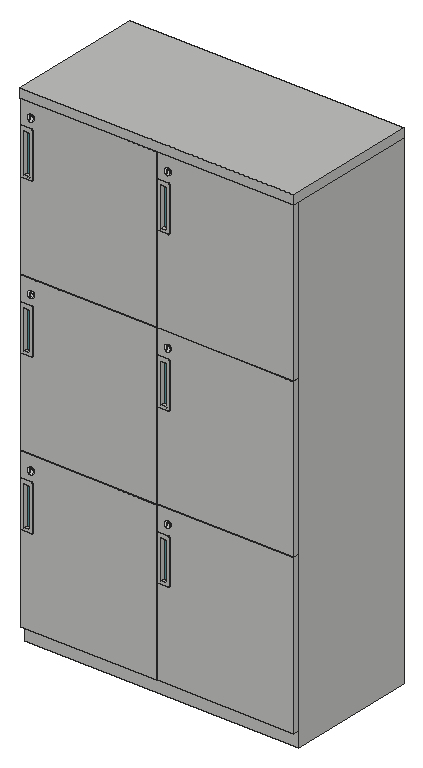
Revit family "Storage-Teknion-PLT_S_Locker_Tower_Standard-R2015", category Furniture, Revit 2015
Parameters (values of type "Dual Locker Tower - Standard - Three High")
  Two High = no
  Three High = yes
  single high interpret handle hight [instance] = if(Actual Height = 65.600", 20.860", 3.216")  # 20.860"
  single high district handle height 1 [instance] = if(Actual Height = 65.600", -24.480", -5.280")  # -24.480"
  single high district handle height 2 [instance] = if(Actual Height = 65.600", -22.230", -3.030")  # -22.230"
  One High = no
  Width [instance] = 36.000"
  Warranty = "http://www.teknion.com/ca/papers/legal-canada"
  Unit Weight URL = "http://www.teknion.com/ca/tools/assets#&asset=bee6a381-b954-425e-8283-5a2de3a804f2,f828d448-4b62-4231-9e5f-9a8991c0ed77"
  URL = "www.teknion.com"
  Triple Locker = no
  Triple Locker Vertical Depth = if(Triple Locker, 6.000", 1.000")  # 1.000"
  three high height [instance] = if(Height = 66.000", 20.800", 15.200")  # 20.800"
  three high Horizontal Depth = if(Three High, 6.000", 1.000")  # 6.000"
  Sustainability Data = "http://www.teknion.com/ca/tools/assets#&topic=216f99a5-57a0-44fc-b10a-9dee9b29ae4c&asset=444deb64-fe58-4b68-981e-f75e97781df7"
  Series = "Ledger Plus"  # constant formula
  Product Page URL = "http://www.teknion.com/ca/products/product-details?productlineid=1293336e-8e7a-673b-a6c8-ff00004460c4"
  Product Line = "Filing and Storage"
  Product Documentation Link = "http://www.teknion.com/pricing/filing-storage/pdfs/PLTDS_ppg.pdf"
  Part Number = "PLTDS"
  Model = "PLTDS_3_"
  Manufacturer Phone = "416-661-3370"  # constant formula
  Manufacturer Fax = "416.661.4586"  # constant formula
  Manufacturer Contact Information = "http://www.teknion.com/ca/contactus"
  Manufacturer Address = "1150 Flint Road, Toronto, ON. M3J 2J5. Canada"  # constant formula
  Manufacturer = "Teknion"  # constant formula
  Lock Visibility 9 = and(Three High, Triple Locker)  # no
  Lock Visibility 8 = and(Three High, Dual Locker)  # yes
  Lock Visibility 7 = and(Two High, Triple Locker)  # no
  Lock Visibility 6 = and(Two High, Dual Locker)  # no
  Lock Visibility 5 = Two High  # no
  Lock Visibility 4 = Three High  # yes
  Lock Visibility 3 = and(not(One High), Dual Locker)  # yes
  Lock Visibility 2 = and(not(One High), Triple Locker)  # no
  Lock Visibility 12 = One High  # no
  Lock Visibility 11 = and(One High, Triple Locker)  # no
  Lock Visibility 10 = and(One High, Dual Locker)  # no
  Lock Visibility 1 = not(One High)  # yes
  Lock Location y 2 [instance] = if(Interpret Handle Style, if(Actual Height = 65.600", 19.524", 1.880"), if(Actual Height = 65.600", 23.480", 4.280"))  # 19.524"
  Lock Location y [instance] = if(Interpret Handle Style, 1.880", 4.280")  # 1.880"
  Lock Location x [instance] = if(Interpret Handle Style, 1.431", 1.740")  # 1.431"
  Interpret Handle Visibility 9 [instance] = and(Interpret Handle Style, Three High, Triple Locker)  # no
  Interpret Handle Visibility 8 [instance] = and(Interpret Handle Style, Three High, Dual Locker)  # yes
  Interpret Handle Visibility 7 [instance] = and(Interpret Handle Style, Two High, Triple Locker)  # no
  Interpret Handle Visibility 6 [instance] = and(Interpret Handle Style, Two High, Dual Locker)  # no
  Interpret Handle Visibility 5 [instance] = and(Interpret Handle Style, Two High)  # no
  Interpret Handle Visibility 4 [instance] = and(Interpret Handle Style, Three High)  # yes
  Interpret Handle Visibility 3 [instance] = and(Interpret Handle Style, not(One High), Dual Locker)  # yes
  Interpret Handle Visibility 2 [instance] = and(Interpret Handle Style, not(One High), Triple Locker)  # no
  Interpret Handle Visibility 12 [instance] = and(Interpret Handle Style, One High)  # no
  Interpret Handle Visibility 11 [instance] = and(Interpret Handle Style, One High, Triple Locker)  # no
  Interpret Handle Visibility 10 [instance] = and(Interpret Handle Style, One High, Dual Locker)  # no
  Interpret Handle Visibility 1 [instance] = and(Interpret Handle Style, not(One High))  # yes
  Interpret Handle 12 [instance] = if(and(Interpret Handle Style, One High), 10.000", 1.000")  # 1.000"
  Interpret Handle 11 [instance] = if(and(Interpret Handle Style, One High, Triple Locker), 10.000", 1.000")  # 1.000"
  Interpret Handle Style [instance] = not(District Handle Style)  # yes
  Interpret Handle 9 [instance] = if(and(Interpret Handle Style, Three High, Triple Locker), 10.000", 1.000")  # 1.000"
  Interpret Handle 8 [instance] = if(and(Interpret Handle Style, Three High, Dual Locker), 10.000", 1.000")  # 10.000"
  Interpret Handle 7 [instance] = if(and(Interpret Handle Style, Two High, Triple Locker), 10.000", 1.000")  # 1.000"
  Interpret Handle 6 [instance] = if(and(Interpret Handle Style, Two High, Dual Locker), 10.000", 1.000")  # 1.000"
  Interpret Handle 5 [instance] = if(and(Interpret Handle Style, Two High), 10.000", 1.000")  # 1.000"
  Interpret Handle 10 [instance] = if(and(Interpret Handle Style, One High, Dual Locker), 10.000", 1.000")  # 1.000"
  Height [instance] = 66.000"
  Dual Locker = yes
  Handle Interior Finish [instance] = Paint - Teknion - Accent - Mineral Teal
  Handle Exterior Finish [instance] = Paint - Teknion - Foundation - Crisp Grey
  Front Finish [instance] = Paint - Teknion - Foundation - Crisp Grey
  Dual Locker Vertical Depth = if(Dual Locker, 6.000", 1.000")  # 6.000"
  two high Horizontal Depth = if(Two High, 6.000", 1.000")  # 1.000"
  District Handle Visibility 9 [instance] = and(District Handle Style, Three High, Triple Locker)  # no
  District Handle Visibility 8 [instance] = and(District Handle Style, Three High, Dual Locker)  # no
  District Handle Visibility 7 [instance] = and(District Handle Style, Two High, Triple Locker)  # no
  District Handle Visibility 6 [instance] = and(District Handle Style, Two High, Dual Locker)  # no
  District Handle Visibility 5 [instance] = and(District Handle Style, Two High)  # no
  District Handle Visibility 3 [instance] = and(District Handle Style, not(One High), Dual Locker)  # no
  District Handle Visibility 2 [instance] = and(District Handle Style, not(One High), Triple Locker)  # no
  District Handle Visibility 12 [instance] = and(District Handle Style, One High)  # no
  District Handle Visibility 11 [instance] = and(District Handle Style, One High, Triple Locker)  # no
  District Handle Visibility 10 [instance] = and(District Handle Style, One High, Dual Locker)  # no
  District Handle Visibility 1 [instance] = and(District Handle Style, not(One High))  # no
  District Handle Visibility 4 [instance] = and(District Handle Style, Three High)  # no
  District Handle Style [instance] = no
  Interpret Handle 4 [instance] = if(and(Interpret Handle Style, Three High), 10.000", 1.000")  # 10.000"
  Interpret Handle 3 [instance] = if(and(Interpret Handle Style, not(One High), Dual Locker), 10.000", 1.000")  # 10.000"
  Interpret Handle 2 [instance] = if(and(Interpret Handle Style, not(One High), Triple Locker), 10.000", 1.000")  # 1.000"
  Interpret Handle 1 [instance] = if(and(Interpret Handle Style, not(One High)), 10.000", 1.000")  # 10.000"
  District Handle Length 2 = -3.030"  # constant formula
  District Handle Length 1 = -5.280"  # constant formula
  Description = "Dual Locker Tower - Standard, Freestanding, Three-High"
  Depth [instance] = 18.000"
  Case Finish [instance] = Paint - Teknion - Foundation - Crisp Grey
  Available Widths [instance] = if(Dual Locker, "24, 30, 36 inches.", "36, 42 inches.")  # "24, 30, 36 inches."
  Available Height [instance] = if(Three High, "48, 66 inches.", "35, 40, 48, 66 inches.")  # "48, 66 inches."
  Available Depths [instance] = "18, 20 inches."  # constant formula
  Assembly Code = "E2020200"
  Actual Height [instance] = if(Height = 35.000", 35.200", if(Height = 66.000", 65.600", Height))  # 65.600"
  2d Handle Visibility 6 [instance] = and(Interpret Handle Style, Triple Locker)  # no
  2d Handle Visibility 5 [instance] = and(Interpret Handle Style, Dual Locker)  # yes
  2d Handle Visibility 4 [instance] = Interpret Handle Style  # yes
  2d Handle Visibility 3 [instance] = and(District Handle Style, Triple Locker)  # no
  2d Handle Visibility 2 [instance] = and(District Handle Style, Dual Locker)  # no
  2d Handle Visibility 1 [instance] = District Handle Style  # no
Reference planes (in)
  plane 1 "Center Front/Back": y = 0
  plane 2: z = 0
  plane 3 "Center Left/Right": x = 0
  plane 4 "Left": x = -18
  plane 5 "Right": x = 18
  plane 6 "Back": y = 9
  plane 7 "Front": y = -9
  plane 8 "Top": z = 65.6
  plane 9 "Underside of Top": z = 64.4
  plane 10 "Door Cut Plane": y = -14
  plane 11 "Two High": z = 33.2
  plane 12: x = -6
  plane 13: x = 6
  plane 14: z = 2
  plane 15 "Three HIgh one": z = 43.6
  plane 16 "Three High two": z = 22.8
  plane 17: y = -8.25
  plane 18: y = -9.1
Forms (in)
  Extrusion 1, solid, material "Paint - Teknion - Foundation - Crisp Grey" <- "Case Finish"
    sketch origin (0, 0, 0) x (1, 0, 0) y (0, 1, 0)
      loop
        line (-18, 9) -> (-18, -8.25) -> (18, -8.25) -> (18, 9) -> (-18, 9)
    from 0 to 64.4
  Extrusion 2, solid, material "Paint - Teknion - Foundation - Crisp Grey" <- "Case Finish"
    sketch origin (0, 0, 65.6) x (-1, 0, 0) y (0, -1, 0)
      loop
        line (18, -9) -> (18, 9) -> (-18, 9) -> (-18, -9) -> (18, -9)
    from 0 to -1.2
  Extrusion 3, solid, material "Paint - Teknion - Foundation - Crisp Grey" <- "Front Finish"
    sketch origin (0, 0, 0) x (1, 0, 0) y (0, 1, 0)
      loop
        line (-17.95, -8.25) -> (-17.95, -9) -> (17.95, -9) -> (17.95, -8.25) -> (-17.95, -8.25)
    from 2.05 to 64.35001
  Extrusion 4, void
    sketch origin (0, -14, 0) x (-1, 0, 0) y (0, 0, 1)
      loop
        line (0.05, 64.4) -> (-0.05, 64.4) -> (-0.05, 1.75) -> (0.05, 1.75) -> (0.05, 64.4)
    from 0 to 6 <- "Dual Locker Vertical Depth"
  Extrusion 5, void
    sketch origin (-6, -14, 0) x (-1, 0, 0) y (0, 0, 1)
      loop
        line (0.05, 64.4) -> (-0.05, 64.4) -> (-0.05, 2.05) -> (0.05, 2.05) -> (0.05, 64.4)
    from 0 to 1 <- "Triple Locker Vertical Depth"
  Extrusion 6, void
    sketch origin (6, -14, 0) x (-1, 0, 0) y (0, 0, 1)
      loop
        line (0.05, 64.4) -> (-0.05, 64.4) -> (-0.05, 2.05) -> (0.05, 2.05) -> (0.05, 64.4)
    from 0 to 1 <- "Triple Locker Vertical Depth"
  Extrusion 7, void
    sketch origin (0, -14, 0) x (-1, 0, 0) y (0, 0, 1)
      loop
        line (18, 43.65) -> (-18, 43.65) -> (-18, 43.55) -> (18, 43.55) -> (18, 43.65)
    from 0 to 6 <- "three high Horizontal Depth"
  Extrusion 8, void
    sketch origin (0, -14, 0) x (-1, 0, 0) y (0, 0, 1)
      loop
        line (18, 33.25) -> (-18, 33.25) -> (-18, 33.15) -> (18, 33.15) -> (18, 33.25)
    from 0 to 1 <- "two high Horizontal Depth"
  Extrusion 9, void
    sketch origin (0, -14, 0) x (-1, 0, 0) y (0, 0, 1)
      loop
        line (18, 22.85) -> (-18, 22.85) -> (-18, 22.75) -> (18, 22.75) -> (18, 22.85)
    from 0 to 6 <- "three high Horizontal Depth"
  Extrusion 10, void
    sketch origin (0, -14, 0) x (-1, 0, 0) y (0, 0, 1)
      loop
        line (17.95, 61.184) -> (16.535, 61.184)
        arc (16.535, 61.184) -> (16.39358, 61.12542) -> (16.335, 60.984) r 0.2
        line (16.335, 60.984) -> (16.335, 55.321)
        arc (16.335, 55.321) -> (16.39358, 55.17958) -> (16.535, 55.121) r 0.2
        line (16.535, 55.121) -> (17.95, 55.121) -> (17.95, 61.184)
    from 0 to 10 <- "Interpret Handle 1"
  Extrusion 11, void
    sketch origin (12, -14, 0) x (-1, 0, 0) y (0, 0, 1)
      loop
        line (17.95, 61.184) -> (16.535, 61.184)
        arc (16.535, 61.184) -> (16.39358, 61.12542) -> (16.335, 60.984) r 0.2
        line (16.335, 60.984) -> (16.335, 55.321)
        arc (16.335, 55.321) -> (16.39358, 55.17958) -> (16.535, 55.121) r 0.2
        line (16.535, 55.121) -> (17.95, 55.121) -> (17.95, 61.184)
    from 0 to 1 <- "Interpret Handle 2"
  Extrusion 12, void
    sketch origin (24, -14, 0) x (-1, 0, 0) y (0, 0, 1)
      loop
        line (17.95, 61.184) -> (16.535, 61.184)
        arc (16.535, 61.184) -> (16.39358, 61.12542) -> (16.335, 60.984) r 0.2
        line (16.335, 60.984) -> (16.335, 55.321)
        arc (16.335, 55.321) -> (16.39358, 55.17958) -> (16.535, 55.121) r 0.2
        line (16.535, 55.121) -> (17.95, 55.121) -> (17.95, 61.184)
    from 0 to 1 <- "Interpret Handle 2"
  Extrusion 13, void
    sketch origin (18, -14, 0) x (-1, 0, 0) y (0, 0, 1)
      loop
        line (17.95, 61.184) -> (16.535, 61.184)
        arc (16.535, 61.184) -> (16.39358, 61.12542) -> (16.335, 60.984) r 0.2
        line (16.335, 60.984) -> (16.335, 55.321)
        arc (16.335, 55.321) -> (16.39358, 55.17958) -> (16.535, 55.121) r 0.2
        line (16.535, 55.121) -> (17.95, 55.121) -> (17.95, 61.184)
    from 0 to 10 <- "Interpret Handle 3"
  Extrusion 14, void
    sketch origin (0, -14, -20.8) x (-1, 0, 0) y (0, 0, 1)
      loop
        line (17.95, 61.184) -> (16.535, 61.184)
        arc (16.535, 61.184) -> (16.39358, 61.12542) -> (16.335, 60.984) r 0.2
        line (16.335, 60.984) -> (16.335, 55.321)
        arc (16.335, 55.321) -> (16.39358, 55.17958) -> (16.535, 55.121) r 0.2
        line (16.535, 55.121) -> (17.95, 55.121) -> (17.95, 61.184)
    from 0 to 10 <- "Interpret Handle 4"
  Extrusion 15, void
    sketch origin (12, -14, -20.8) x (-1, 0, 0) y (0, 0, 1)
      loop
        line (17.95, 61.184) -> (16.535, 61.184)
        arc (16.535, 61.184) -> (16.39358, 61.12542) -> (16.335, 60.984) r 0.2
        line (16.335, 60.984) -> (16.335, 55.321)
        arc (16.335, 55.321) -> (16.39358, 55.17958) -> (16.535, 55.121) r 0.2
        line (16.535, 55.121) -> (17.95, 55.121) -> (17.95, 61.184)
    from 0 to 1 <- "Interpret Handle 9"
  Extrusion 16, void
    sketch origin (18, -14, -20.8) x (-1, 0, 0) y (0, 0, 1)
      loop
        line (17.95, 61.184) -> (16.535, 61.184)
        arc (16.535, 61.184) -> (16.39358, 61.12542) -> (16.335, 60.984) r 0.2
        line (16.335, 60.984) -> (16.335, 55.321)
        arc (16.335, 55.321) -> (16.39358, 55.17958) -> (16.535, 55.121) r 0.2
        line (16.535, 55.121) -> (17.95, 55.121) -> (17.95, 61.184)
    from 0 to 10 <- "Interpret Handle 8"
  Extrusion 17, void
    sketch origin (24, -14, -20.8) x (-1, 0, 0) y (0, 0, 1)
      loop
        line (17.95, 61.184) -> (16.535, 61.184)
        arc (16.535, 61.184) -> (16.39358, 61.12542) -> (16.335, 60.984) r 0.2
        line (16.335, 60.984) -> (16.335, 55.321)
        arc (16.335, 55.321) -> (16.39358, 55.17958) -> (16.535, 55.121) r 0.2
        line (16.535, 55.121) -> (17.95, 55.121) -> (17.95, 61.184)
    from 0 to 1 <- "Interpret Handle 9"
  Extrusion 18, void
    sketch origin (24, -14, -31.2) x (-1, 0, 0) y (0, 0, 1)
      loop
        line (17.95, 61.184) -> (16.535, 61.184)
        arc (16.535, 61.184) -> (16.39358, 61.12542) -> (16.335, 60.984) r 0.2
        line (16.335, 60.984) -> (16.335, 55.321)
        arc (16.335, 55.321) -> (16.39358, 55.17958) -> (16.535, 55.121) r 0.2
        line (16.535, 55.121) -> (17.95, 55.121) -> (17.95, 61.184)
    from 0 to 1 <- "Interpret Handle 7"
  Extrusion 19, void
    sketch origin (18, -14, -31.2) x (-1, 0, 0) y (0, 0, 1)
      loop
        line (17.95, 61.184) -> (16.535, 61.184)
        arc (16.535, 61.184) -> (16.39358, 61.12542) -> (16.335, 60.984) r 0.2
        line (16.335, 60.984) -> (16.335, 55.321)
        arc (16.335, 55.321) -> (16.39358, 55.17958) -> (16.535, 55.121) r 0.2
        line (16.535, 55.121) -> (17.95, 55.121) -> (17.95, 61.184)
    from 0 to 1 <- "Interpret Handle 6"
  Extrusion 20, void
    sketch origin (12, -14, -31.2) x (-1, 0, 0) y (0, 0, 1)
      loop
        line (17.95, 61.184) -> (16.535, 61.184)
        arc (16.535, 61.184) -> (16.39358, 61.12542) -> (16.335, 60.984) r 0.2
        line (16.335, 60.984) -> (16.335, 55.321)
        arc (16.335, 55.321) -> (16.39358, 55.17958) -> (16.535, 55.121) r 0.2
        line (16.535, 55.121) -> (17.95, 55.121) -> (17.95, 61.184)
    from 0 to 1 <- "Interpret Handle 7"
  Extrusion 21, void
    sketch origin (0, -14, -31.2) x (-1, 0, 0) y (0, 0, 1)
      loop
        line (17.95, 61.184) -> (16.535, 61.184)
        arc (16.535, 61.184) -> (16.39358, 61.12542) -> (16.335, 60.984) r 0.2
        line (16.335, 60.984) -> (16.335, 55.321)
        arc (16.335, 55.321) -> (16.39358, 55.17958) -> (16.535, 55.121) r 0.2
        line (16.535, 55.121) -> (17.95, 55.121) -> (17.95, 61.184)
    from 0 to 1 <- "Interpret Handle 5"
  Extrusion 22, void
    sketch origin (0, -14, -41.6) x (-1, 0, 0) y (0, 0, 1)
      loop
        line (17.95, 61.184) -> (16.535, 61.184)
        arc (16.535, 61.184) -> (16.39358, 61.12542) -> (16.335, 60.984) r 0.2
        line (16.335, 60.984) -> (16.335, 55.321)
        arc (16.335, 55.321) -> (16.39358, 55.17958) -> (16.535, 55.121) r 0.2
        line (16.535, 55.121) -> (17.95, 55.121) -> (17.95, 61.184)
    from 0 to 10 <- "Interpret Handle 4"
  Extrusion 23, void
    sketch origin (12, -14, -41.6) x (-1, 0, 0) y (0, 0, 1)
      loop
        line (17.95, 61.184) -> (16.535, 61.184)
        arc (16.535, 61.184) -> (16.39358, 61.12542) -> (16.335, 60.984) r 0.2
        line (16.335, 60.984) -> (16.335, 55.321)
        arc (16.335, 55.321) -> (16.39358, 55.17958) -> (16.535, 55.121) r 0.2
        line (16.535, 55.121) -> (17.95, 55.121) -> (17.95, 61.184)
    from 0 to 1 <- "Interpret Handle 9"
  Extrusion 24, void
    sketch origin (18, -14, -41.6) x (-1, 0, 0) y (0, 0, 1)
      loop
        line (17.95, 61.184) -> (16.535, 61.184)
        arc (16.535, 61.184) -> (16.39358, 61.12542) -> (16.335, 60.984) r 0.2
        line (16.335, 60.984) -> (16.335, 55.321)
        arc (16.335, 55.321) -> (16.39358, 55.17958) -> (16.535, 55.121) r 0.2
        line (16.535, 55.121) -> (17.95, 55.121) -> (17.95, 61.184)
    from 0 to 10 <- "Interpret Handle 8"
  Extrusion 25, void
    sketch origin (24, -14, -41.6) x (-1, 0, 0) y (0, 0, 1)
      loop
        line (17.95, 61.184) -> (16.535, 61.184)
        arc (16.535, 61.184) -> (16.39358, 61.12542) -> (16.335, 60.984) r 0.2
        line (16.335, 60.984) -> (16.335, 55.321)
        arc (16.335, 55.321) -> (16.39358, 55.17958) -> (16.535, 55.121) r 0.2
        line (16.535, 55.121) -> (17.95, 55.121) -> (17.95, 61.184)
    from 0 to 1 <- "Interpret Handle 9"
  Extrusion 26, void
    sketch origin (0, -14, -20.8) x (-1, 0, 0) y (0, 0, 1)
      loop
        line (17.95, 64.34) -> (16.535, 64.34)
        arc (16.535, 64.34) -> (16.39358, 64.28142) -> (16.335, 64.14) r 0.2
        line (16.335, 64.14) -> (16.335, 58.477)
        arc (16.335, 58.477) -> (16.39358, 58.33558) -> (16.535, 58.277) r 0.2
        line (16.535, 58.277) -> (17.95, 58.277) -> (17.95, 64.34)
    from 0 to 1 <- "Interpret Handle 12"
  Extrusion 27, void
    sketch origin (12, -14, -20.8) x (-1, 0, 0) y (0, 0, 1)
      loop
        line (17.95, 64.34) -> (16.535, 64.34)
        arc (16.535, 64.34) -> (16.39358, 64.28142) -> (16.335, 64.14) r 0.2
        line (16.335, 64.14) -> (16.335, 58.477)
        arc (16.335, 58.477) -> (16.39358, 58.33558) -> (16.535, 58.277) r 0.2
        line (16.535, 58.277) -> (17.95, 58.277) -> (17.95, 64.34)
    from 0 to 1 <- "Interpret Handle 11"
  Extrusion 28, void
    sketch origin (18, -14, -20.8) x (-1, 0, 0) y (0, 0, 1)
      loop
        line (17.95, 64.34) -> (16.535, 64.34)
        arc (16.535, 64.34) -> (16.39358, 64.28142) -> (16.335, 64.14) r 0.2
        line (16.335, 64.14) -> (16.335, 58.477)
        arc (16.335, 58.477) -> (16.39358, 58.33558) -> (16.535, 58.277) r 0.2
        line (16.535, 58.277) -> (17.95, 58.277) -> (17.95, 64.34)
    from 0 to 1 <- "Interpret Handle 10"
  Extrusion 29, void
    sketch origin (24, -14, -20.8) x (-1, 0, 0) y (0, 0, 1)
      loop
        line (17.95, 64.34) -> (16.535, 64.34)
        arc (16.535, 64.34) -> (16.39358, 64.28142) -> (16.335, 64.14) r 0.2
        line (16.335, 64.14) -> (16.335, 58.477)
        arc (16.335, 58.477) -> (16.39358, 58.33558) -> (16.535, 58.277) r 0.2
        line (16.535, 58.277) -> (17.95, 58.277) -> (17.95, 64.34)
    from 0 to 1 <- "Interpret Handle 11"
  Extrusion 30, solid, material "Paint - Teknion - Foundation - Crisp Grey" <- "Handle Exterior Finish", visible <- "Interpret Handle Visibility 1"
    sketch origin (0.35727, -9, -0.69404) x (-1, 0, 0) y (0, 0, -1)
      loop
        line (18.30727, -61.87804) -> (18.30727, -55.81504) -> (16.89227, -55.81504)
        arc (16.89227, -55.81504) -> (16.75085, -55.87361) -> (16.69227, -56.01504) r 0.2
        line (16.69227, -56.01504) -> (16.69227, -61.67804)
        arc (16.69227, -61.67804) -> (16.75085, -61.81946) -> (16.89227, -61.87804) r 0.2
        line (16.89227, -61.87804) -> (18.30727, -61.87804)
    from 0 to -0.75
  Extrusion 31, void
    sketch origin (-9.94644, -9, -1.19646) x (-1, 0, 0) y (0, 0, -1)
      loop
        line (7.62956, -61.88146) -> (7.62956, -56.64246) -> (6.76256, -56.64246) -> (6.76256, -61.88146) -> (7.62956, -61.88146)
    from 0 to -0.05
  Extrusion 32, void
    sketch origin (0, -9, 0) x (-1, 0, 0) y (0, 0, -1)
      loop
        line (16.709, -60.625) -> (16.709, -60.685) -> (17.576, -60.685) -> (17.576, -55.446) -> (16.709, -55.446) -> (16.709, -55.506) -> (16.522, -55.506) -> (16.522, -60.625) -> (16.709, -60.625)
    from -0.05 to -0.6
  Extrusion 33, solid, material "Paint - Teknion - Foundation - Crisp Grey" <- "Handle Exterior Finish", visible <- "Interpret Handle Visibility 2"
    sketch origin (14.298, -9, 14.62716) x (-1, 0, 0) y (0, 0, -1)
      loop
        line (20.248, -46.55684) -> (20.248, -40.49384) -> (18.833, -40.49384)
        arc (18.833, -40.49384) -> (18.69158, -40.55242) -> (18.633, -40.69384) r 0.2
        line (18.633, -40.69384) -> (18.633, -46.35684)
        arc (18.633, -46.35684) -> (18.69158, -46.49826) -> (18.833, -46.55684) r 0.2
        line (18.833, -46.55684) -> (20.248, -46.55684)
    from 0 to -0.75
  Extrusion 34, solid, material "Paint - Teknion - Foundation - Crisp Grey" <- "Handle Exterior Finish", visible <- "Interpret Handle Visibility 2"
    sketch origin (33.054, -9, 14.226) x (-1, 0, 0) y (0, 0, -1)
      loop
        line (27.004, -46.958) -> (27.004, -40.895) -> (25.589, -40.895)
        arc (25.589, -40.895) -> (25.44758, -40.95358) -> (25.389, -41.095) r 0.2
        line (25.389, -41.095) -> (25.389, -46.758)
        arc (25.389, -46.758) -> (25.44758, -46.89942) -> (25.589, -46.958) r 0.2
        line (25.589, -46.958) -> (27.004, -46.958)
    from 0 to -0.75
  Extrusion 35, solid, material "Paint - Teknion - Foundation - Crisp Grey" <- "Handle Exterior Finish", visible <- "Interpret Handle Visibility 3"
    sketch origin (-69.822, -9, 38.299) x (-1, 0, 0) y (0, 0, -1)
      loop
        line (-69.872, -22.885) -> (-69.872, -16.822) -> (-71.287, -16.822)
        arc (-71.287, -16.822) -> (-71.42842, -16.88058) -> (-71.487, -17.022) r 0.2
        line (-71.487, -17.022) -> (-71.487, -22.685)
        arc (-71.487, -22.685) -> (-71.42842, -22.82642) -> (-71.287, -22.885) r 0.2
        line (-71.287, -22.885) -> (-69.872, -22.885)
    from 0 to -0.75
  Extrusion 36, solid, material "Paint - Teknion - Foundation - Crisp Grey" <- "Handle Exterior Finish", visible <- "Interpret Handle Visibility 4"
    sketch origin (-66.82, -9, 38.167) x (-1, 0, 0) y (0, 0, -1)
      loop
        line (-48.87, -2.217) -> (-48.87, 3.846) -> (-50.285, 3.846)
        arc (-50.285, 3.846) -> (-50.42642, 3.78742) -> (-50.485, 3.646) r 0.2
        line (-50.485, 3.646) -> (-50.485, -2.017)
        arc (-50.485, -2.017) -> (-50.42642, -2.15842) -> (-50.285, -2.217) r 0.2
        line (-50.285, -2.217) -> (-48.87, -2.217)
    from 0 to -0.75
  Extrusion 37, solid, material "Paint - Teknion - Foundation - Crisp Grey" <- "Handle Exterior Finish", visible <- "Interpret Handle Visibility 4"
    sketch origin (-64.07, -9, 38.167) x (-1, 0, 0) y (0, 0, -1)
      loop
        line (-46.12, 18.583) -> (-46.12, 24.646) -> (-47.535, 24.646)
        arc (-47.535, 24.646) -> (-47.67642, 24.58742) -> (-47.735, 24.446) r 0.2
        line (-47.735, 24.446) -> (-47.735, 18.783)
        arc (-47.735, 18.783) -> (-47.67642, 18.64158) -> (-47.535, 18.583) r 0.2
        line (-47.535, 18.583) -> (-46.12, 18.583)
    from 0 to -0.75
  Extrusion 38, solid, material "Paint - Teknion - Foundation - Crisp Grey" <- "Handle Exterior Finish", visible <- "Interpret Handle Visibility 5"
    sketch origin (-61.322, -9, 38.049) x (-1, 0, 0) y (0, 0, -1)
      loop
        line (-43.372, 8.065) -> (-43.372, 14.128) -> (-44.787, 14.128)
        arc (-44.787, 14.128) -> (-44.92842, 14.06942) -> (-44.987, 13.928) r 0.2
        line (-44.987, 13.928) -> (-44.987, 8.265)
        arc (-44.987, 8.265) -> (-44.92842, 8.12358) -> (-44.787, 8.065) r 0.2
        line (-44.787, 8.065) -> (-43.372, 8.065)
    from 0 to -0.75
  Extrusion 39, solid, material "Paint - Teknion - Foundation - Crisp Grey" <- "Handle Exterior Finish", visible <- "Interpret Handle Visibility 6"
    sketch origin (-58.32, -9, 38.167) x (-1, 0, 0) y (0, 0, -1)
      loop
        line (-58.37, 8.183) -> (-58.37, 14.246) -> (-59.785, 14.246)
        arc (-59.785, 14.246) -> (-59.92642, 14.18742) -> (-59.985, 14.046) r 0.2
        line (-59.985, 14.046) -> (-59.985, 8.383)
        arc (-59.985, 8.383) -> (-59.92642, 8.24158) -> (-59.785, 8.183) r 0.2
        line (-59.785, 8.183) -> (-58.37, 8.183)
    from 0 to -0.75
  Extrusion 40, solid, material "Paint - Teknion - Foundation - Crisp Grey" <- "Handle Exterior Finish", visible <- "Interpret Handle Visibility 7"
    sketch origin (-54.82, -9, 38.167) x (-1, 0, 0) y (0, 0, -1)
      loop
        line (-60.87, 8.183) -> (-60.87, 14.246) -> (-62.285, 14.246)
        arc (-62.285, 14.246) -> (-62.42642, 14.18742) -> (-62.485, 14.046) r 0.2
        line (-62.485, 14.046) -> (-62.485, 8.383)
        arc (-62.485, 8.383) -> (-62.42642, 8.24158) -> (-62.285, 8.183) r 0.2
        line (-62.285, 8.183) -> (-60.87, 8.183)
    from 0 to -0.75
  Extrusion 41, solid, material "Paint - Teknion - Foundation - Crisp Grey" <- "Handle Exterior Finish", visible <- "Interpret Handle Visibility 7"
    sketch origin (-52.07, -9, 38.167) x (-1, 0, 0) y (0, 0, -1)
      loop
        line (-46.12, 8.183) -> (-46.12, 14.246) -> (-47.535, 14.246)
        arc (-47.535, 14.246) -> (-47.67642, 14.18742) -> (-47.735, 14.046) r 0.2
        line (-47.735, 14.046) -> (-47.735, 8.383)
        arc (-47.735, 8.383) -> (-47.67642, 8.24158) -> (-47.535, 8.183) r 0.2
        line (-47.535, 8.183) -> (-46.12, 8.183)
    from 0 to -0.75
  Extrusion 42, solid, material "Paint - Teknion - Foundation - Crisp Grey" <- "Handle Exterior Finish", visible <- "Interpret Handle Visibility 8"
    sketch origin (-76.935, -9, 30.976) x (-1, 0, 0) y (0, 0, -1)
      loop
        line (-76.985, -9.408) -> (-76.985, -3.345) -> (-78.4, -3.345)
        arc (-78.4, -3.345) -> (-78.54142, -3.40358) -> (-78.6, -3.545) r 0.2
        line (-78.6, -3.545) -> (-78.6, -9.208)
        arc (-78.6, -9.208) -> (-78.54142, -9.34942) -> (-78.4, -9.408) r 0.2
        line (-78.4, -9.408) -> (-76.985, -9.408)
    from 0 to -0.75
  Extrusion 43, solid, material "Paint - Teknion - Foundation - Crisp Grey" <- "Handle Exterior Finish", visible <- "Interpret Handle Visibility 8"
    sketch origin (-74.572, -9, 31.16541) x (-1, 0, 0) y (0, 0, -1)
      loop
        line (-74.622, 11.58141) -> (-74.622, 17.64441) -> (-76.037, 17.64441)
        arc (-76.037, 17.64441) -> (-76.17842, 17.58584) -> (-76.237, 17.44441) r 0.2
        line (-76.237, 17.44441) -> (-76.237, 11.78141)
        arc (-76.237, 11.78141) -> (-76.17842, 11.63999) -> (-76.037, 11.58141) r 0.2
        line (-76.037, 11.58141) -> (-74.622, 11.58141)
    from 0 to -0.75
  Extrusion 44, solid, material "Paint - Teknion - Foundation - Crisp Grey" <- "Handle Exterior Finish", visible <- "Interpret Handle Visibility 9"
    sketch origin (-72.32, -9, 30.917) x (-1, 0, 0) y (0, 0, -1)
      loop
        line (-66.37, -9.467) -> (-66.37, -3.404) -> (-67.785, -3.404)
        arc (-67.785, -3.404) -> (-67.92642, -3.46258) -> (-67.985, -3.604) r 0.2
        line (-67.985, -3.604) -> (-67.985, -9.267)
        arc (-67.985, -9.267) -> (-67.92642, -9.40842) -> (-67.785, -9.467) r 0.2
        line (-67.785, -9.467) -> (-66.37, -9.467)
    from 0 to -0.75
  Extrusion 45, solid, material "Paint - Teknion - Foundation - Crisp Grey" <- "Handle Exterior Finish", visible <- "Interpret Handle Visibility 9"
    sketch origin (-69.57, -9, 30.917) x (-1, 0, 0) y (0, 0, -1)
      loop
        line (-75.62, -9.467) -> (-75.62, -3.404) -> (-77.035, -3.404)
        arc (-77.035, -3.404) -> (-77.17642, -3.46258) -> (-77.235, -3.604) r 0.2
        line (-77.235, -3.604) -> (-77.235, -9.267)
        arc (-77.235, -9.267) -> (-77.17642, -9.40842) -> (-77.035, -9.467) r 0.2
        line (-77.035, -9.467) -> (-75.62, -9.467)
    from 0 to -0.75
  Extrusion 46, solid, material "Paint - Teknion - Foundation - Crisp Grey" <- "Handle Exterior Finish", visible <- "Interpret Handle Visibility 9"
    sketch origin (-66.82, -9, 30.917) x (-1, 0, 0) y (0, 0, -1)
      loop
        line (-60.87, 11.333) -> (-60.87, 17.396) -> (-62.285, 17.396)
        arc (-62.285, 17.396) -> (-62.42642, 17.33742) -> (-62.485, 17.196) r 0.2
        line (-62.485, 17.196) -> (-62.485, 11.533)
        arc (-62.485, 11.533) -> (-62.42642, 11.39158) -> (-62.285, 11.333) r 0.2
        line (-62.285, 11.333) -> (-60.87, 11.333)
    from 0 to -0.75
  Extrusion 47, solid, material "Paint - Teknion - Foundation - Crisp Grey" <- "Handle Exterior Finish", visible <- "Interpret Handle Visibility 9"
    sketch origin (-63.822, -9, 30.91477) x (-1, 0, 0) y (0, 0, -1)
      loop
        line (-69.872, 11.33077) -> (-69.872, 17.39377) -> (-71.287, 17.39377)
        arc (-71.287, 17.39377) -> (-71.42842, 17.33519) -> (-71.487, 17.19377) r 0.2
        line (-71.487, 17.19377) -> (-71.487, 11.53077)
        arc (-71.487, 11.53077) -> (-71.42842, 11.38935) -> (-71.287, 11.33077) r 0.2
        line (-71.287, 11.33077) -> (-69.872, 11.33077)
    from 0 to -0.75
  Extrusion 48, solid, material "Paint - Teknion - Foundation - Crisp Grey" <- "Handle Exterior Finish", visible <- "Interpret Handle Visibility 10"
    sketch origin (-61.322, -9, 31.049) x (-1, 0, 0) y (0, 0, -1)
      loop
        line (-61.372, -12.491) -> (-61.372, -6.428) -> (-62.787, -6.428)
        arc (-62.787, -6.428) -> (-62.92842, -6.48658) -> (-62.987, -6.628) r 0.2
        line (-62.987, -6.628) -> (-62.987, -12.291)
        arc (-62.987, -12.291) -> (-62.92842, -12.43242) -> (-62.787, -12.491) r 0.2
        line (-62.787, -12.491) -> (-61.372, -12.491)
    from 0 to -0.75
  Extrusion 49, solid, material "Paint - Teknion - Foundation - Crisp Grey" <- "Handle Exterior Finish", visible <- "Interpret Handle Visibility 11"
    sketch origin (-58.32, -9, 30.917) x (-1, 0, 0) y (0, 0, -1)
      loop
        line (-64.37, -12.623) -> (-64.37, -6.56) -> (-65.785, -6.56)
        arc (-65.785, -6.56) -> (-65.92642, -6.61858) -> (-65.985, -6.76) r 0.2
        line (-65.985, -6.76) -> (-65.985, -12.423)
        arc (-65.985, -12.423) -> (-65.92642, -12.56442) -> (-65.785, -12.623) r 0.2
        line (-65.785, -12.623) -> (-64.37, -12.623)
    from 0 to -0.75
  Extrusion 50, solid, material "Paint - Teknion - Foundation - Crisp Grey" <- "Handle Exterior Finish", visible <- "Interpret Handle Visibility 11"
    sketch origin (-55.072, -9, 31.17514) x (-1, 0, 0) y (0, 0, -1)
      loop
        line (-49.122, -12.36486) -> (-49.122, -6.30186) -> (-50.537, -6.30186)
        arc (-50.537, -6.30186) -> (-50.67842, -6.36044) -> (-50.737, -6.50186) r 0.2
        line (-50.737, -6.50186) -> (-50.737, -12.16486)
        arc (-50.737, -12.16486) -> (-50.67842, -12.30628) -> (-50.537, -12.36486) r 0.2
        line (-50.537, -12.36486) -> (-49.122, -12.36486)
    from 0 to -0.75
  Extrusion 51, solid, material "Paint - Teknion - Foundation - Crisp Grey" <- "Handle Exterior Finish", visible <- "Interpret Handle Visibility 12"
    sketch origin (-52.446, -9, 31.108) x (-1, 0, 0) y (0, 0, -1)
      loop
        line (-34.496, -12.432) -> (-34.496, -6.369) -> (-35.911, -6.369)
        arc (-35.911, -6.369) -> (-36.05242, -6.42758) -> (-36.111, -6.569) r 0.2
        line (-36.111, -6.569) -> (-36.111, -12.232)
        arc (-36.111, -12.232) -> (-36.05242, -12.37342) -> (-35.911, -12.432) r 0.2
        line (-35.911, -12.432) -> (-34.496, -12.432)
    from 0 to -0.75
  Extrusion 52, void
    sketch origin (-7.58144, -9, -1.25546) x (-1, 0, 0) y (0, 0, -1)
      loop
        line (-2.00544, -61.94046) -> (-2.00544, -56.70146) -> (-2.87244, -56.70146) -> (-2.87244, -61.94046) -> (-2.00544, -61.94046)
    from 0 to -0.05
  Extrusion 53, void
    sketch origin (0, -9, 0) x (-1, 0, 0) y (0, 0, -1)
      loop
        line (4.709, -60.625) -> (4.709, -60.685) -> (5.576, -60.685) -> (5.576, -55.446) -> (4.709, -55.446) -> (4.709, -55.506) -> (4.522, -55.506) -> (4.522, -60.625) -> (4.709, -60.625)
    from -0.05 to -0.6
  Extrusion 54, void
    sketch origin (-5.33144, -9, -1.25546) x (-1, 0, 0) y (0, 0, -1)
      loop
        line (-11.75544, -61.94046) -> (-11.75544, -56.70146) -> (-12.62244, -56.70146) -> (-12.62244, -61.94046) -> (-11.75544, -61.94046)
    from 0 to -0.05
  Extrusion 55, void
    sketch origin (0, -9, 0) x (-1, 0, 0) y (0, 0, -1)
      loop
        line (-7.291, -60.625) -> (-7.291, -60.685) -> (-6.424, -60.685) -> (-6.424, -55.446) -> (-7.291, -55.446) -> (-7.291, -55.506) -> (-7.478, -55.506) -> (-7.478, -60.625) -> (-7.291, -60.625)
    from -0.05 to -0.6
  Extrusion 56, void
    sketch origin (-2.51794, -9, -1.13746) x (-1, 0, 0) y (0, 0, -1)
      loop
        line (-2.94194, -61.82246) -> (-2.94194, -56.58346) -> (-3.80894, -56.58346) -> (-3.80894, -61.82246) -> (-2.94194, -61.82246)
    from 0 to -0.05
  Extrusion 57, void
    sketch origin (0, -9, 0) x (-1, 0, 0) y (0, 0, -1)
      loop
        line (-1.291, -60.625) -> (-1.291, -60.685) -> (-0.424, -60.685) -> (-0.424, -55.446) -> (-1.291, -55.446) -> (-1.291, -55.506) -> (-1.478, -55.506) -> (-1.478, -60.625) -> (-1.291, -60.625)
    from -0.05 to -0.6
  Extrusion 58, void
    sketch origin (0.23206, -9, -1.13746) x (-1, 0, 0) y (0, 0, -1)
      loop
        line (17.80806, -41.02246) -> (17.80806, -35.78346) -> (16.94106, -35.78346) -> (16.94106, -41.02246) -> (17.80806, -41.02246)
    from 0 to -0.05
  Extrusion 59, void
    sketch origin (0, -9, 0) x (-1, 0, 0) y (0, 0, -1)
      loop
        line (16.709, -39.825) -> (16.709, -39.885) -> (17.576, -39.885) -> (17.576, -34.646) -> (16.709, -34.646) -> (16.709, -34.706) -> (16.522, -34.706) -> (16.522, -39.825) -> (16.709, -39.825)
    from -0.05 to -0.6
  Extrusion 60, void
    sketch origin (2.98206, -9, -1.13746) x (-1, 0, 0) y (0, 0, -1)
      loop
        line (20.55806, -20.22246) -> (20.55806, -14.98346) -> (19.69106, -14.98346) -> (19.69106, -20.22246) -> (20.55806, -20.22246)
    from 0 to -0.05
  Extrusion 61, void
    sketch origin (0, -9, 0) x (-1, 0, 0) y (0, 0, -1)
      loop
        line (16.709, -19.025) -> (16.709, -19.085) -> (17.576, -19.085) -> (17.576, -13.846) -> (16.709, -13.846) -> (16.709, -13.906) -> (16.522, -13.906) -> (16.522, -19.025) -> (16.709, -19.025)
    from -0.05 to -0.6
  Extrusion 62, void
    sketch origin (5.73206, -9, -1.13746) x (-1, 0, 0) y (0, 0, -1)
      loop
        line (23.30806, -30.62246) -> (23.30806, -25.38346) -> (22.44106, -25.38346) -> (22.44106, -30.62246) -> (23.30806, -30.62246)
    from 0 to -0.05
  Extrusion 63, void
    sketch origin (8.73206, -9, -1.13746) x (-1, 0, 0) y (0, 0, -1)
      loop
        line (8.30806, -30.62246) -> (8.30806, -25.38346) -> (7.44106, -25.38346) -> (7.44106, -30.62246) -> (8.30806, -30.62246)
    from 0 to -0.05
  Extrusion 64, void
    sketch origin (12.23206, -9, -1.13746) x (-1, 0, 0) y (0, 0, -1)
      loop
        line (5.80806, -30.62246) -> (5.80806, -25.38346) -> (4.94106, -25.38346) -> (4.94106, -30.62246) -> (5.80806, -30.62246)
    from 0 to -0.05
  Extrusion 65, void
    sketch origin (14.98206, -9, -1.13746) x (-1, 0, 0) y (0, 0, -1)
      loop
        line (20.55806, -30.62246) -> (20.55806, -25.38346) -> (19.69106, -25.38346) -> (19.69106, -30.62246) -> (20.55806, -30.62246)
    from 0 to -0.05
  Extrusion 66, void
    sketch origin (-9.88294, -9, -8.32846) x (-1, 0, 0) y (0, 0, -1)
      loop
        line (-10.30694, -48.21346) -> (-10.30694, -42.97446) -> (-11.17394, -42.97446) -> (-11.17394, -48.21346) -> (-10.30694, -48.21346)
    from 0 to -0.05
  Extrusion 67, void
    sketch origin (-7.51794, -9, -8.38746) x (-1, 0, 0) y (0, 0, -1)
      loop
        line (-7.94194, -27.47246) -> (-7.94194, -22.23346) -> (-8.80894, -22.23346) -> (-8.80894, -27.47246) -> (-7.94194, -27.47246)
    from 0 to -0.05
  Extrusion 68, void
    sketch origin (-5.26794, -9, -8.38746) x (-1, 0, 0) y (0, 0, -1)
      loop
        line (0.30806, -48.27246) -> (0.30806, -43.03346) -> (-0.55894, -43.03346) -> (-0.55894, -48.27246) -> (0.30806, -48.27246)
    from 0 to -0.05
  Extrusion 69, void
    sketch origin (-2.51794, -9, -8.38746) x (-1, 0, 0) y (0, 0, -1)
      loop
        line (-8.94194, -48.27246) -> (-8.94194, -43.03346) -> (-9.80894, -43.03346) -> (-9.80894, -48.27246) -> (-8.94194, -48.27246)
    from 0 to -0.05
  Extrusion 70, void
    sketch origin (0.23206, -9, -8.38746) x (-1, 0, 0) y (0, 0, -1)
      loop
        line (5.80806, -27.47246) -> (5.80806, -22.23346) -> (4.94106, -22.23346) -> (4.94106, -27.47246) -> (5.80806, -27.47246)
    from 0 to -0.05
  Extrusion 71, void
    sketch origin (2.98206, -9, -8.38746) x (-1, 0, 0) y (0, 0, -1)
      loop
        line (-3.44194, -27.47246) -> (-3.44194, -22.23346) -> (-4.30894, -22.23346) -> (-4.30894, -27.47246) -> (-3.44194, -27.47246)
    from 0 to -0.05
  Extrusion 72, void
    sketch origin (5.73206, -9, -8.38746) x (-1, 0, 0) y (0, 0, -1)
      loop
        line (5.30806, -51.42846) -> (5.30806, -46.18946) -> (4.44106, -46.18946) -> (4.44106, -51.42846) -> (5.30806, -51.42846)
    from 0 to -0.05
  Extrusion 73, void
    sketch origin (8.73206, -9, -8.38746) x (-1, 0, 0) y (0, 0, -1)
      loop
        line (2.30806, -51.42846) -> (2.30806, -46.18946) -> (1.44106, -46.18946) -> (1.44106, -51.42846) -> (2.30806, -51.42846)
    from 0 to -0.05
  Extrusion 74, void
    sketch origin (12.23206, -9, -8.38746) x (-1, 0, 0) y (0, 0, -1)
      loop
        line (17.80806, -51.42846) -> (17.80806, -46.18946) -> (16.94106, -46.18946) -> (16.94106, -51.42846) -> (17.80806, -51.42846)
    from 0 to -0.05
  Extrusion 75, void
    sketch origin (14.98206, -9, -8.38746) x (-1, 0, 0) y (0, 0, -1)
      loop
        line (32.55806, -51.42846) -> (32.55806, -46.18946) -> (31.69106, -46.18946) -> (31.69106, -51.42846) -> (32.55806, -51.42846)
    from 0 to -0.05
  Extrusion 76, void
    sketch origin (0, -9, 0) x (-1, 0, 0) y (0, 0, -1)
      loop
        line (16.709, -29.425) -> (16.709, -29.485) -> (17.576, -29.485) -> (17.576, -24.246) -> (16.709, -24.246) -> (16.709, -24.306) -> (16.522, -24.306) -> (16.522, -29.425) -> (16.709, -29.425)
    from -0.05 to -0.6
  Extrusion 77, void
    sketch origin (0, -9, 0) x (-1, 0, 0) y (0, 0, -1)
      loop
        line (-1.291, -24.306) -> (-1.478, -24.306) -> (-1.478, -29.425) -> (-1.291, -29.425) -> (-1.291, -29.485) -> (-0.424, -29.485) -> (-0.424, -24.246) -> (-1.291, -24.246) -> (-1.291, -24.306)
    from -0.05 to -0.6
  Extrusion 78, void
    sketch origin (0, -9, 0) x (-1, 0, 0) y (0, 0, -1)
      loop
        line (-7.291, -24.306) -> (-7.478, -24.306) -> (-7.478, -29.425) -> (-7.291, -29.425) -> (-7.291, -29.485) -> (-6.424, -29.485) -> (-6.424, -24.246) -> (-7.291, -24.246) -> (-7.291, -24.306)
    from -0.05 to -0.6
  Extrusion 79, void
    sketch origin (0, -9, 0) x (-1, 0, 0) y (0, 0, -1)
      loop
        line (4.709, -24.306) -> (4.522, -24.306) -> (4.522, -29.425) -> (4.709, -29.425) -> (4.709, -29.485) -> (5.576, -29.485) -> (5.576, -24.246) -> (4.709, -24.246) -> (4.709, -24.306)
    from -0.05 to -0.6
  Extrusion 80, void
    sketch origin (0, -9, 0) x (-1, 0, 0) y (0, 0, -1)
      loop
        line (-1.291, -34.706) -> (-1.478, -34.706) -> (-1.478, -39.825) -> (-1.291, -39.825) -> (-1.291, -39.885) -> (-0.424, -39.885) -> (-0.424, -34.646) -> (-1.291, -34.646) -> (-1.291, -34.706)
    from -0.05 to -0.6
  Extrusion 81, void
    sketch origin (0, -9, 0) x (-1, 0, 0) y (0, 0, -1)
      loop
        line (-1.291, -13.906) -> (-1.478, -13.906) -> (-1.478, -19.025) -> (-1.291, -19.025) -> (-1.291, -19.085) -> (-0.424, -19.085) -> (-0.424, -13.846) -> (-1.291, -13.846) -> (-1.291, -13.906)
    from -0.05 to -0.6
  Extrusion 82, void
    sketch origin (0, -9, 0) x (-1, 0, 0) y (0, 0, -1)
      loop
        line (4.709, -34.706) -> (4.522, -34.706) -> (4.522, -39.825) -> (4.709, -39.825) -> (4.709, -39.885) -> (5.576, -39.885) -> (5.576, -34.646) -> (4.709, -34.646) -> (4.709, -34.706)
    from -0.05 to -0.6
  Extrusion 83, void
    sketch origin (0, -9, 0) x (-1, 0, 0) y (0, 0, -1)
      loop
        line (-7.291, -34.706) -> (-7.478, -34.706) -> (-7.478, -39.825) -> (-7.291, -39.825) -> (-7.291, -39.885) -> (-6.424, -39.885) -> (-6.424, -34.646) -> (-7.291, -34.646) -> (-7.291, -34.706)
    from -0.05 to -0.6
  Extrusion 84, void
    sketch origin (0, -9, 0) x (-1, 0, 0) y (0, 0, -1)
      loop
        line (4.709, -13.906) -> (4.522, -13.906) -> (4.522, -19.025) -> (4.709, -19.025) -> (4.709, -19.085) -> (5.576, -19.085) -> (5.576, -13.846) -> (4.709, -13.846) -> (4.709, -13.906)
    from -0.05 to -0.6
  Extrusion 85, void
    sketch origin (0, -9, 0) x (-1, 0, 0) y (0, 0, -1)
      loop
        line (-7.291, -13.906) -> (-7.478, -13.906) -> (-7.478, -19.025) -> (-7.291, -19.025) -> (-7.291, -19.085) -> (-6.424, -19.085) -> (-6.424, -13.846) -> (-7.291, -13.846) -> (-7.291, -13.906)
    from -0.05 to -0.6
  Extrusion 86, void
    sketch origin (0, -9, 0) x (-1, 0, 0) y (0, 0, -1)
      loop
        line (-1.291, -37.862) -> (-1.478, -37.862) -> (-1.478, -42.981) -> (-1.291, -42.981) -> (-1.291, -43.041) -> (-0.424, -43.041) -> (-0.424, -37.802) -> (-1.291, -37.802) -> (-1.291, -37.862)
    from -0.05 to -0.6
  Extrusion 87, void
    sketch origin (0, -9, 0) x (-1, 0, 0) y (0, 0, -1)
      loop
        line (-7.291, -37.862) -> (-7.478, -37.862) -> (-7.478, -42.981) -> (-7.291, -42.981) -> (-7.291, -43.041) -> (-6.424, -43.041) -> (-6.424, -37.802) -> (-7.291, -37.802) -> (-7.291, -37.862)
    from -0.05 to -0.6
  Extrusion 88, void
    sketch origin (0, -9, 0) x (-1, 0, 0) y (0, 0, -1)
      loop
        line (4.709, -37.862) -> (4.522, -37.862) -> (4.522, -42.981) -> (4.709, -42.981) -> (4.709, -43.041) -> (5.576, -43.041) -> (5.576, -37.802) -> (4.709, -37.802) -> (4.709, -37.862)
    from -0.05 to -0.6
  Extrusion 89, void
    sketch origin (0, -9, 0) x (-1, 0, 0) y (0, 0, -1)
      loop
        line (16.709, -37.862) -> (16.522, -37.862) -> (16.522, -42.981) -> (16.709, -42.981) -> (16.709, -43.041) -> (17.576, -43.041) -> (17.576, -37.802) -> (16.709, -37.802) -> (16.709, -37.862)
    from -0.05 to -0.6
  Extrusion 90, solid, material "Paint - Teknion - Foundation - Crisp Grey" <- "Handle Exterior Finish", visible <- "District Handle Visibility 1"
    sketch origin (0, 0, 64.4) x (-1, 0, 0) y (0, -1, 0)
      loop
        line (17.26699, 9) -> (17.7, 9) -> (17.2, 9.86603) -> (16.87524, 9.67853)
        arc (16.87524, 9.67853) -> (16.97464, 9.34625) -> (16.95479, 9) r 1.00175
        line (16.95479, 9) -> (17.26699, 9)
    from -3.03 <- "District Handle Length 2" to -5.28 <- "District Handle Length 1"
  Extrusion 91, solid, material "Paint - Teknion - Foundation - Crisp Grey" <- "Handle Exterior Finish", visible <- "District Handle Visibility 2"
    sketch origin (12.08199, 0, 64.4) x (-1, 0, 0) y (0, -1, 0)
      loop
        line (17.34897, 9) -> (17.78199, 9) -> (17.28199, 9.86603) -> (16.95723, 9.67853)
        arc (16.95723, 9.67853) -> (17.05663, 9.34625) -> (17.03677, 9) r 1.00175
        line (17.03677, 9) -> (17.34897, 9)
    from -3.03 <- "District Handle Length 2" to -5.28 <- "District Handle Length 1"
  Extrusion 92, solid, material "Paint - Teknion - Foundation - Crisp Grey" <- "Handle Exterior Finish", visible <- "District Handle Visibility 3"
    sketch origin (18.08199, 0, 64.4) x (-1, 0, 0) y (0, -1, 0)
      loop
        line (17.34897, 9) -> (17.78199, 9) -> (17.28199, 9.86603) -> (16.95723, 9.67853)
        arc (16.95723, 9.67853) -> (17.05663, 9.34625) -> (17.03677, 9) r 1.00175
        line (17.03677, 9) -> (17.34897, 9)
    from -3.03 <- "District Handle Length 2" to -5.28 <- "District Handle Length 1"
  Extrusion 93, solid, material "Paint - Teknion - Foundation - Crisp Grey" <- "Handle Exterior Finish", visible <- "District Handle Visibility 2"
    sketch origin (24.08199, 0, 64.4) x (-1, 0, 0) y (0, -1, 0)
      loop
        line (17.34897, 9) -> (17.78199, 9) -> (17.28199, 9.86603) -> (16.95723, 9.67853)
        arc (16.95723, 9.67853) -> (17.05663, 9.34625) -> (17.03677, 9) r 1.00175
        line (17.03677, 9) -> (17.34897, 9)
    from -3.03 <- "District Handle Length 2" to -5.28 <- "District Handle Length 1"
  Extrusion 94, solid, material "Paint - Teknion - Foundation - Crisp Grey" <- "Handle Exterior Finish", visible <- "District Handle Visibility 7"
    sketch origin (12, 0, 33.2) x (-1, 0, 0) y (0, -1, 0)
      loop
        line (17.26699, 9) -> (17.7, 9) -> (17.2, 9.86603) -> (16.87524, 9.67853)
        arc (16.87524, 9.67853) -> (16.97464, 9.34625) -> (16.95479, 9) r 1.00175
        line (16.95479, 9) -> (17.26699, 9)
    from -3.03 <- "District Handle Length 2" to -5.28 <- "District Handle Length 1"
  Extrusion 95, solid, material "Paint - Teknion - Foundation - Crisp Grey" <- "Handle Exterior Finish", visible <- "District Handle Visibility 6"
    sketch origin (18, 0, 33.2) x (-1, 0, 0) y (0, -1, 0)
      loop
        line (17.26699, 9) -> (17.7, 9) -> (17.2, 9.86603) -> (16.87524, 9.67853)
        arc (16.87524, 9.67853) -> (16.97464, 9.34625) -> (16.95479, 9) r 1.00175
        line (16.95479, 9) -> (17.26699, 9)
    from -3.03 <- "District Handle Length 2" to -5.28 <- "District Handle Length 1"
  Extrusion 96, solid, material "Paint - Teknion - Foundation - Crisp Grey" <- "Handle Exterior Finish", visible <- "District Handle Visibility 7"
    sketch origin (24.33471, 0, 33.2) x (-1, 0, 0) y (0, -1, 0)
      loop
        line (17.26699, 9) -> (17.7, 9) -> (17.2, 9.86603) -> (16.87524, 9.67853)
        arc (16.87524, 9.67853) -> (16.97464, 9.34625) -> (16.95479, 9) r 1.00175
        line (16.95479, 9) -> (17.26699, 9)
    from -3.03 <- "District Handle Length 2" to -5.28 <- "District Handle Length 1"
  Extrusion 97, solid, material "Paint - Teknion - Foundation - Crisp Grey" <- "Handle Exterior Finish", visible <- "District Handle Visibility 5"
    sketch origin (0, 0, 33.2) x (-1, 0, 0) y (0, -1, 0)
      loop
        line (17.26699, 9) -> (17.7, 9) -> (17.2, 9.86603) -> (16.87524, 9.67853)
        arc (16.87524, 9.67853) -> (16.97464, 9.34625) -> (16.95479, 9) r 1.00175
        line (16.95479, 9) -> (17.26699, 9)
    from -3.03 <- "District Handle Length 2" to -5.28 <- "District Handle Length 1"
  Extrusion 98, solid, material "Paint - Teknion - Foundation - Crisp Grey" <- "Handle Exterior Finish", visible <- "District Handle Visibility 9"
    sketch origin (12, 0, 43.6) x (-1, 0, 0) y (0, -1, 0)
      loop
        line (17.26699, 9) -> (17.7, 9) -> (17.2, 9.86603) -> (16.87524, 9.67853)
        arc (16.87524, 9.67853) -> (16.97464, 9.34625) -> (16.95479, 9) r 1.00175
        line (16.95479, 9) -> (17.26699, 9)
    from -3.03 <- "District Handle Length 2" to -5.28 <- "District Handle Length 1"
  Extrusion 99, solid, material "Paint - Teknion - Foundation - Crisp Grey" <- "Handle Exterior Finish", visible <- "District Handle Visibility 8"
    sketch origin (18, 0, 43.6) x (-1, 0, 0) y (0, -1, 0)
      loop
        line (17.26699, 9) -> (17.7, 9) -> (17.2, 9.86603) -> (16.87524, 9.67853)
        arc (16.87524, 9.67853) -> (16.97464, 9.34625) -> (16.95479, 9) r 1.00175
        line (16.95479, 9) -> (17.26699, 9)
    from -3.03 <- "District Handle Length 2" to -5.28 <- "District Handle Length 1"
  Extrusion 100, solid, material "Paint - Teknion - Foundation - Crisp Grey" <- "Handle Exterior Finish", visible <- "District Handle Visibility 9"
    sketch origin (24, 0, 43.6) x (-1, 0, 0) y (0, -1, 0)
      loop
        line (17.26699, 9) -> (17.7, 9) -> (17.2, 9.86603) -> (16.87524, 9.67853)
        arc (16.87524, 9.67853) -> (16.97464, 9.34625) -> (16.95479, 9) r 1.00175
        line (16.95479, 9) -> (17.26699, 9)
    from -3.03 <- "District Handle Length 2" to -5.28 <- "District Handle Length 1"
  Extrusion 101, solid, material "Paint - Teknion - Foundation - Crisp Grey" <- "Handle Exterior Finish", visible <- "District Handle Visibility 4"
    sketch origin (0, 0, 43.6) x (-1, 0, 0) y (0, -1, 0)
      loop
        line (17.26699, 9) -> (17.7, 9) -> (17.2, 9.86603) -> (16.87524, 9.67853)
        arc (16.87524, 9.67853) -> (16.97464, 9.34625) -> (16.95479, 9) r 1.00175
        line (16.95479, 9) -> (17.26699, 9)
    from -3.03 <- "District Handle Length 2" to -5.28 <- "District Handle Length 1"
  Extrusion 102, solid, material "Paint - Teknion - Foundation - Crisp Grey" <- "Handle Exterior Finish", visible <- "District Handle Visibility 9"
    sketch origin (12, 0, 22.8) x (-1, 0, 0) y (0, -1, 0)
      loop
        line (17.26699, 9) -> (17.7, 9) -> (17.2, 9.86603) -> (16.87524, 9.67853)
        arc (16.87524, 9.67853) -> (16.97464, 9.34625) -> (16.95479, 9) r 1.00175
        line (16.95479, 9) -> (17.26699, 9)
    from -3.03 <- "District Handle Length 2" to -5.28 <- "District Handle Length 1"
  Extrusion 103, solid, material "Paint - Teknion - Foundation - Crisp Grey" <- "Handle Exterior Finish", visible <- "District Handle Visibility 8"
    sketch origin (18, 0, 22.8) x (-1, 0, 0) y (0, -1, 0)
      loop
        line (17.26699, 9) -> (17.7, 9) -> (17.2, 9.86603) -> (16.87524, 9.67853)
        arc (16.87524, 9.67853) -> (16.97464, 9.34625) -> (16.95479, 9) r 1.00175
        line (16.95479, 9) -> (17.26699, 9)
    from -3.03 <- "District Handle Length 2" to -5.28 <- "District Handle Length 1"
  Extrusion 104, solid, material "Paint - Teknion - Foundation - Crisp Grey" <- "Handle Exterior Finish", visible <- "District Handle Visibility 9"
    sketch origin (24, 0, 22.8) x (-1, 0, 0) y (0, -1, 0)
      loop
        line (17.26699, 9) -> (17.7, 9) -> (17.2, 9.86603) -> (16.87524, 9.67853)
        arc (16.87524, 9.67853) -> (16.97464, 9.34625) -> (16.95479, 9) r 1.00175
        line (16.95479, 9) -> (17.26699, 9)
    from -3.03 <- "District Handle Length 2" to -5.28 <- "District Handle Length 1"
  Extrusion 105, solid, material "Paint - Teknion - Foundation - Crisp Grey" <- "Handle Exterior Finish", visible <- "District Handle Visibility 4"
    sketch origin (0, 0, 22.8) x (-1, 0, 0) y (0, -1, 0)
      loop
        line (17.26699, 9) -> (17.7, 9) -> (17.2, 9.86603) -> (16.87524, 9.67853)
        arc (16.87524, 9.67853) -> (16.97464, 9.34625) -> (16.95479, 9) r 1.00175
        line (16.95479, 9) -> (17.26699, 9)
    from -3.03 <- "District Handle Length 2" to -5.28 <- "District Handle Length 1"
  Extrusion 106, solid, material "Paint - Teknion - Foundation - Crisp Grey" <- "Handle Exterior Finish", visible <- "District Handle Visibility 12"
    sketch origin (0, 0, 64.4) x (-1, 0, 0) y (0, -1, 0)
      loop
        line (17.26699, 9) -> (17.7, 9) -> (17.2, 9.86603) -> (16.87524, 9.67853)
        arc (16.87524, 9.67853) -> (16.97464, 9.34625) -> (16.95479, 9) r 1.00175
        line (16.95479, 9) -> (17.26699, 9)
    from -22.23 <- "single high district handle height 2" to -24.48 <- "single high district handle height 1"
  Extrusion 107, solid, material "Paint - Teknion - Foundation - Crisp Grey" <- "Handle Exterior Finish", visible <- "District Handle Visibility 11"
    sketch origin (12, 0, 64.4) x (-1, 0, 0) y (0, -1, 0)
      loop
        line (17.26699, 9) -> (17.7, 9) -> (17.2, 9.86603) -> (16.87524, 9.67853)
        arc (16.87524, 9.67853) -> (16.97464, 9.34625) -> (16.95479, 9) r 1.00175
        line (16.95479, 9) -> (17.26699, 9)
    from -22.23 <- "single high district handle height 2" to -24.48 <- "single high district handle height 1"
  Extrusion 108, solid, material "Paint - Teknion - Foundation - Crisp Grey" <- "Handle Exterior Finish", visible <- "District Handle Visibility 10"
    sketch origin (18, 0, 64.4) x (-1, 0, 0) y (0, -1, 0)
      loop
        line (17.26699, 9) -> (17.7, 9) -> (17.2, 9.86603) -> (16.87524, 9.67853)
        arc (16.87524, 9.67853) -> (16.97464, 9.34625) -> (16.95479, 9) r 1.00175
        line (16.95479, 9) -> (17.26699, 9)
    from -22.23 <- "single high district handle height 2" to -24.48 <- "single high district handle height 1"
  Extrusion 109, solid, material "Paint - Teknion - Foundation - Crisp Grey" <- "Handle Exterior Finish", visible <- "District Handle Visibility 11"
    sketch origin (24, 0, 64.4) x (-1, 0, 0) y (0, -1, 0)
      loop
        line (17.26699, 9) -> (17.7, 9) -> (17.2, 9.86603) -> (16.87524, 9.67853)
        arc (16.87524, 9.67853) -> (16.97464, 9.34625) -> (16.95479, 9) r 1.00175
        line (16.95479, 9) -> (17.26699, 9)
    from -22.23 <- "single high district handle height 2" to -24.48 <- "single high district handle height 1"
  Extrusion 110, solid, material "Steel, Chrome Plated", visible <- "Lock Visibility 1"
    sketch origin (1.1, -9, -4.72222) x (-1, 0, 0) y (0, 0, -1)
      loop
        circle (17.669, -67.24222) r 0.4
      loop
        line (17.7317, -67.45331) -> (17.7317, -67.03113) -> (17.6063, -67.03113) -> (17.6063, -67.45331) -> (17.7317, -67.45331)
    from 0 to 0.1
  Extrusion 111, solid, material "Steel, Chrome Plated", visible <- "Lock Visibility 2"
    sketch origin (13.85, -9, -4.72222) x (-1, 0, 0) y (0, 0, -1)
      loop
        circle (18.419, -67.24222) r 0.4
      loop
        line (18.4817, -67.45331) -> (18.4817, -67.03113) -> (18.3563, -67.03113) -> (18.3563, -67.45331) -> (18.4817, -67.45331)
    from 0 to 0.1
  Extrusion 112, solid, material "Steel, Chrome Plated", visible <- "Lock Visibility 3"
    sketch origin (18.85, -9, -4.72222) x (-1, 0, 0) y (0, 0, -1)
      loop
        circle (17.419, -67.24222) r 0.4
      loop
        line (17.4817, -67.45331) -> (17.4817, -67.03113) -> (17.3563, -67.03113) -> (17.3563, -67.45331) -> (17.4817, -67.45331)
    from 0 to 0.1
  Extrusion 113, solid, material "Steel, Chrome Plated", visible <- "Lock Visibility 2"
    sketch origin (25.85, -9, -4.72222) x (-1, 0, 0) y (0, 0, -1)
      loop
        circle (18.419, -67.24222) r 0.4
      loop
        line (18.4817, -67.45331) -> (18.4817, -67.03113) -> (18.3563, -67.03113) -> (18.3563, -67.45331) -> (18.4817, -67.45331)
    from 0 to 0.1
  Extrusion 114, solid, material "Steel, Chrome Plated", visible <- "Lock Visibility 12"
    sketch origin (1.1, -9, -22.97222) x (-1, 0, 0) y (0, 0, -1)
      loop
        circle (17.669, -67.84822) r 0.4
      loop
        line (17.7317, -68.05931) -> (17.7317, -67.63713) -> (17.6063, -67.63713) -> (17.6063, -68.05931) -> (17.7317, -68.05931)
    from 0 to 0.1
  Extrusion 115, solid, material "Steel, Chrome Plated", visible <- "Lock Visibility 11"
    sketch origin (13.85, -9, -22.97222) x (-1, 0, 0) y (0, 0, -1)
      loop
        circle (18.419, -67.84822) r 0.4
      loop
        line (18.4817, -68.05931) -> (18.4817, -67.63713) -> (18.3563, -67.63713) -> (18.3563, -68.05931) -> (18.4817, -68.05931)
    from 0 to 0.1
  Extrusion 116, solid, material "Steel, Chrome Plated", visible <- "Lock Visibility 10"
    sketch origin (18.85, -9, -22.97222) x (-1, 0, 0) y (0, 0, -1)
      loop
        circle (17.419, -67.84822) r 0.4
      loop
        line (17.4817, -68.05931) -> (17.4817, -67.63713) -> (17.3563, -67.63713) -> (17.3563, -68.05931) -> (17.4817, -68.05931)
    from 0 to 0.1
  Extrusion 117, solid, material "Steel, Chrome Plated", visible <- "Lock Visibility 11"
    sketch origin (25.85, -9, -22.97222) x (-1, 0, 0) y (0, 0, -1)
      loop
        circle (18.419, -67.84822) r 0.4
      loop
        line (18.4817, -68.05931) -> (18.4817, -67.63713) -> (18.3563, -67.63713) -> (18.3563, -68.05931) -> (18.4817, -68.05931)
    from 0 to 0.1
  Extrusion 118, solid, material "Steel, Chrome Plated", visible <- "Lock Visibility 4"
    sketch origin (1.1, -9, -26.22222) x (-1, 0, 0) y (0, 0, -1)
      loop
        circle (17.669, -67.94222) r 0.4
      loop
        line (17.7317, -68.15331) -> (17.7317, -67.73113) -> (17.6063, -67.73113) -> (17.6063, -68.15331) -> (17.7317, -68.15331)
    from 0 to 0.1
  Extrusion 119, solid, material "Steel, Chrome Plated", visible <- "Lock Visibility 9"
    sketch origin (13.85, -9, -26.22222) x (-1, 0, 0) y (0, 0, -1)
      loop
        circle (18.419, -67.94222) r 0.4
